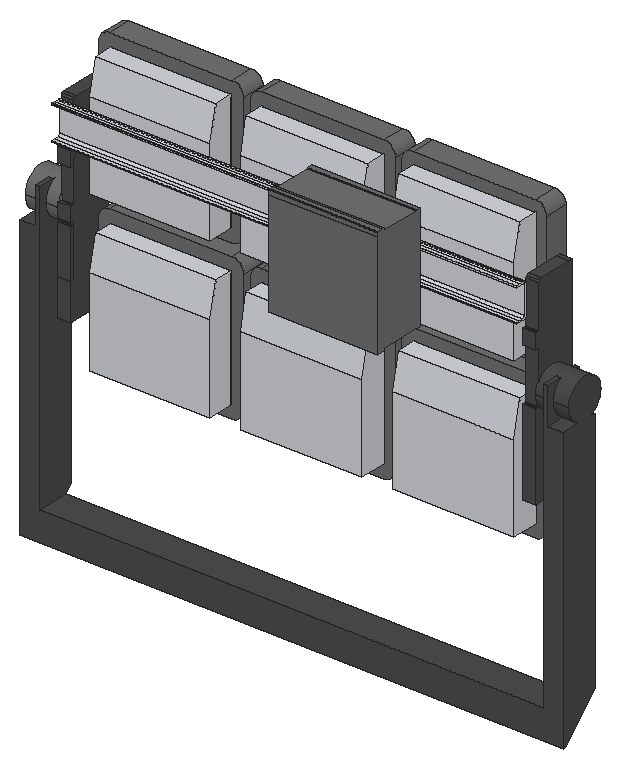
Revit family "Lighting-Proiezione-GEWISS-SMART[PRO]2.0-PROIETTORI-LED-ALTA-POTENZA_6MODULI_CLI", category Apparecchi per illuminazione, host Superficie, Revit 2019 (continued)
Definition of nested family "Frontale6 2D"
  Lines and regions (mm)
    model lines, in view "Livello rif."
      curve 830: line (378.88, 502.534, 0) -> (387.305, 502.534, 0)
      curve 831: line (387.305, 502.534, 0) -> (388.004, 501.81, 0)
      curve 832: line (388.004, 501.81, 0) -> (388.004, 418.41, 0)
      curve 833: line (388.004, 418.41, 0) -> (387.305, 417.711, 0)
      curve 834: line (387.305, 417.711, 0) -> (371.189, 417.711, 0)
      curve 835: line (388.703, 489.919, 0) -> (388.703, 429.626, 0)
      curve 836: line (388.703, 429.626, 0) -> (388.703, 0, 0)
      curve 837: line (418.862, 409.99, 0) -> (418.862, 407.193, 0)
      curve 838: line (418.862, 2.099, 0) -> (418.862, 444.587, 0)
      curve 839: line (418.862, 444.587, 0) -> (404.115, 459.76, 0)
      curve 840: line (404.115, 459.76, 0) -> (395.026, 459.76, 0)
      curve 841: line (395.026, 459.76, 0) -> (395.026, 489.919, 0)
      curve 842: line (395.026, 489.919, 0) -> (388.703, 489.919, 0)
      curve 843: line (100.604, 488.521, 0) -> (-80.963, 488.521, 0)
      curve 844: line (-80.963, 489.19, 0) -> (-80.963, 670.058, 0)
      curve 845: line (-80.963, 670.058, 0) -> (100.604, 670.058, 0)
      curve 846: line (100.604, 488.521, 0) -> (100.604, 670.058, 0)
      curve 847: line (100.604, 670.058, 0) -> (-80.963, 670.058, 0)
      curve 848: line (-80.963, 670.058, 0) -> (-80.963, 488.521, 0)
      curve 849: line (-99.9, 519.349, 0) -> (-99.9, 503.233, 0)
      curve 850: line (-99.9, 503.233, 0) -> (-99.9, 499.737, 0)
      curve 851: line (-99.9, 499.737, 0) -> (-99.9, 480.096, 0)
      curve 852: line (-99.9, 480.096, 0) -> (-99.9, 478.698, 0)
      curve 853: line (-99.9, 478.698, 0) -> (-99.206, 477.998, 0)
      curve 854: line (-99.206, 477.998, 0) -> (-99.206, 475.876, 0)
      curve 855: line (-99.206, 475.876, 0) -> (-98.477, 475.177, 0)
      curve 856: line (-97.807, 474.502, 0) -> (-97.079, 473.803, 0)
      curve 857: line (-97.079, 473.074, 0) -> (-95.68, 471.676, 0)
      curve 858: line (-94.976, 471.676, 0) -> (-94.282, 470.977, 0)
      curve 859: line (-94.282, 470.977, 0) -> (-93.578, 470.278, 0)
      curve 860: line (-93.578, 470.278, 0) -> (-90.781, 470.278, 0)
      curve 861: line (-90.781, 470.278, 0) -> (-90.082, 469.579, 0)
      curve 862: line (-89.383, 469.579, 0) -> (-69.741, 469.579, 0)
      curve 863: line (-69.741, 469.579, 0) -> (-66.25, 469.579, 0)
      curve 864: line (110.398, 469.579, 0) -> (111.092, 470.278, 0)
      curve 865: line (111.092, 470.278, 0) -> (113.219, 470.278, 0)
      curve 866: line (113.219, 470.278, 0) -> (113.923, 470.977, 0)
      curve 867: line (114.617, 470.977, 0) -> (115.321, 471.676, 0)
      curve 868: line (115.321, 471.676, 0) -> (116.72, 473.074, 0)
      curve 869: line (116.72, 473.074, 0) -> (117.414, 473.803, 0)
      curve 870: line (118.118, 475.177, 0) -> (118.817, 475.876, 0)
      curve 871: line (118.817, 475.876, 0) -> (118.817, 477.299, 0)
      curve 872: line (118.817, 477.299, 0) -> (119.517, 477.998, 0)
      curve 873: line (119.517, 477.998, 0) -> (119.517, 503.233, 0)
      curve 874: line (119.517, 541.787, 0) -> (119.517, 558.626, 0)
      curve 875: line (119.517, 558.626, 0) -> (119.517, 579.641, 0)
      curve 876: line (119.517, 636.403, 0) -> (119.517, 680.575, 0)
      curve 877: line (119.517, 680.575, 0) -> (118.817, 681.279, 0)
      curve 878: line (118.817, 681.279, 0) -> (118.817, 682.702, 0)
      curve 879: line (118.817, 682.702, 0) -> (118.118, 683.402, 0)
      curve 880: line (118.118, 684.101, 0) -> (117.414, 684.795, 0)
      curve 881: line (116.72, 685.499, 0) -> (113.923, 688.296, 0)
      curve 882: line (113.923, 688.296, 0) -> (112.525, 688.296, 0)
      curve 883: line (112.525, 688.296, 0) -> (111.821, 689, 0)
      curve 884: line (111.821, 689, 0) -> (89.383, 689, 0)
      curve 885: line (89.383, 689, 0) -> (-89.383, 689, 0)
      curve 886: line (-89.383, 689, 0) -> (-92.179, 689, 0)
      curve 887: line (-92.179, 689, 0) -> (-92.883, 688.296, 0)
      curve 888: line (-93.578, 688.296, 0) -> (-94.282, 687.602, 0)
      curve 889: line (-95.68, 686.898, 0) -> (-97.079, 685.499, 0)
      curve 890: line (-97.807, 684.795, 0) -> (-98.477, 684.101, 0)
      curve 891: line (-98.477, 683.402, 0) -> (-99.206, 682.702, 0)
      curve 892: line (-99.206, 682.702, 0) -> (-99.206, 680.575, 0)
      curve 893: line (-99.206, 680.575, 0) -> (-99.9, 679.871, 0)
      curve 894: line (-99.9, 679.177, 0) -> (-99.9, 658.841, 0)
      curve 895: line (329.115, 488.521, 0) -> (148.272, 488.521, 0)
      curve 896: line (148.272, 489.19, 0) -> (148.272, 670.088, 0)
      curve 897: line (148.272, 670.088, 0) -> (329.115, 670.088, 0)
      curve 898: line (329.115, 488.521, 0) -> (329.115, 670.088, 0)
      curve 899: line (329.115, 670.088, 0) -> (148.272, 670.088, 0)
      curve 900: line (148.272, 670.088, 0) -> (148.272, 488.521, 0)
      curve 901: line (129.335, 519.349, 0) -> (129.335, 503.233, 0)
      curve 902: line (129.335, 503.233, 0) -> (129.335, 499.737, 0)
      curve 903: line (129.335, 499.737, 0) -> (129.335, 480.096, 0)
      curve 904: line (129.335, 480.096, 0) -> (129.335, 476.575, 0)
      curve 905: line (129.335, 476.575, 0) -> (130.029, 475.876, 0)
      curve 906: line (130.029, 475.177, 0) -> (132.131, 473.074, 0)
      curve 907: line (132.131, 472.375, 0) -> (132.836, 471.676, 0)
      curve 908: line (133.53, 471.676, 0) -> (134.259, 470.977, 0)
      curve 909: line (134.928, 470.977, 0) -> (135.627, 470.278, 0)
      curve 910: line (135.627, 470.278, 0) -> (137.76, 470.278, 0)
      curve 911: line (137.76, 470.278, 0) -> (138.454, 469.579, 0)
      curve 912: line (139.158, 469.579, 0) -> (158.764, 469.579, 0)
      curve 913: line (158.764, 469.579, 0) -> (162.994, 469.579, 0)
      curve 914: line (338.938, 469.579, 0) -> (339.657, 470.278, 0)
      curve 915: line (339.657, 470.278, 0) -> (341.73, 470.278, 0)
      curve 916: line (341.73, 470.278, 0) -> (342.429, 470.977, 0)
      curve 917: line (343.158, 470.977, 0) -> (343.827, 471.676, 0)
      curve 918: line (344.556, 471.676, 0) -> (345.231, 472.375, 0)
      curve 919: line (345.231, 473.074, 0) -> (347.353, 475.177, 0)
      curve 920: line (347.353, 475.876, 0) -> (348.052, 476.575, 0)
      curve 921: line (348.052, 476.575, 0) -> (348.052, 499.737, 0)
      curve 922: line (348.052, 539.689, 0) -> (348.052, 558.626, 0)
      curve 923: line (348.052, 558.626, 0) -> (348.052, 579.641, 0)
      curve 924: line (348.052, 639.225, 0) -> (348.052, 681.974, 0)
      curve 925: line (348.052, 681.974, 0) -> (347.353, 682.702, 0)
      curve 926: line (347.353, 683.402, 0) -> (346.654, 684.101, 0)
      curve 927: line (346.654, 684.795, 0) -> (345.955, 685.499, 0)
      curve 928: line (345.231, 686.193, 0) -> (344.556, 686.898, 0)
      curve 929: line (343.827, 686.898, 0) -> (342.429, 688.296, 0)
      curve 930: line (342.429, 688.296, 0) -> (341.031, 688.296, 0)
      curve 931: line (341.031, 688.296, 0) -> (340.331, 689, 0)
      curve 932: line (340.331, 689, 0) -> (318.617, 689, 0)
      curve 933: line (318.617, 689, 0) -> (139.158, 689, 0)
      curve 934: line (139.158, 689, 0) -> (137.055, 689, 0)
      curve 935: line (137.055, 689, 0) -> (136.331, 688.296, 0)
      curve 936: line (135.627, 688.296, 0) -> (134.928, 687.602, 0)
      curve 937: line (134.259, 687.602, 0) -> (133.53, 686.898, 0)
      curve 938: line (132.836, 686.898, 0) -> (132.131, 686.193, 0)
      curve 939: line (131.437, 685.499, 0) -> (130.733, 684.795, 0)
      curve 940: line (130.733, 684.101, 0) -> (130.029, 683.402, 0)
      curve 941: line (130.029, 682.702, 0) -> (129.335, 681.974, 0)
      curve 942: line (129.335, 681.974, 0) -> (129.335, 679.177, 0)
      curve 943: line (129.335, 679.177, 0) -> (129.335, 658.841, 0)
      curve 944: line (-128.636, 429.507, 0) -> (-309.503, 429.507, 0)
      curve 945: line (-309.503, 428.807, 0) -> (-309.503, 247.94, 0)
      curve 946: line (-309.503, 247.94, 0) -> (-128.636, 247.94, 0)
      curve 947: line (-128.636, 247.94, 0) -> (-309.503, 247.94, 0)
      curve 948: line (-309.503, 247.94, 0) -> (-309.503, 429.507, 0)
      curve 949: line (119.517, 312.425, 0) -> (129.335, 312.425, 0)
      curve 950: line (-109.723, 312.425, 0) -> (-99.9, 312.425, 0)
      curve 951: line (119.517, 364.32, 0) -> (129.335, 364.32, 0)
      curve 952: line (-109.723, 364.32, 0) -> (-99.9, 364.32, 0)
      curve 953: line (-328.44, 278.071, 0) -> (-328.44, 262.655, 0)
      curve 954: line (-328.44, 262.655, 0) -> (-328.44, 259.158, 0)
      curve 955: line (-328.44, 259.158, 0) -> (-328.44, 238.82, 0)
      curve 956: line (-328.44, 238.82, 0) -> (-328.44, 236.721, 0)
      curve 957: line (-328.44, 236.721, 0) -> (-327.712, 236.021, 0)
      curve 958: line (-327.712, 236.021, 0) -> (-327.712, 234.623, 0)
      curve 959: line (-327.712, 234.623, 0) -> (-327.017, 233.923, 0)
      curve 960: line (-327.017, 233.224, 0) -> (-326.313, 232.524, 0)
      curve 961: line (-325.619, 232.524, 0) -> (-324.915, 231.825, 0)
      curve 962: line (-324.221, 231.125, 0) -> (-322.812, 229.727, 0)
      curve 963: line (-322.812, 229.727, 0) -> (-321.414, 229.727, 0)
      curve 964: line (-321.414, 229.727, 0) -> (-320.72, 229, 0)
      curve 965: line (-320.72, 229, 0) -> (-318.617, 229, 0)
      curve 966: line (-318.617, 229, 0) -> (-298.282, 229, 0)
      curve 967: line (-298.282, 229, 0) -> (-279.369, 229, 0)
      curve 968: line (-119.541, 229, 0) -> (-117.414, 229, 0)
      curve 969: line (-117.414, 229, 0) -> (-116.72, 229.727, 0)
      curve 970: line (-116.72, 229.727, 0) -> (-115.321, 229.727, 0)
      curve 971: line (-115.321, 229.727, 0) -> (-113.913, 231.125, 0)
      curve 972: line (-113.219, 231.125, 0) -> (-111.121, 233.224, 0)
      curve 973: line (-111.121, 233.923, 0) -> (-110.422, 234.623, 0)
      curve 974: line (-110.422, 235.322, 0) -> (-109.723, 236.021, 0)
      curve 975: line (-109.723, 236.021, 0) -> (-109.723, 259.158, 0)
      curve 976: line (-109.723, 298.409, 0) -> (-109.723, 317.348, 0)
      curve 977: line (-109.723, 317.348, 0) -> (-109.723, 338.386, 0)
      curve 978: line (-109.723, 440.024, 0) -> (-109.723, 441.422, 0)
      curve 979: line (-109.723, 441.422, 0) -> (-110.422, 442.121, 0)
      curve 980: line (-110.422, 442.821, 0) -> (-111.121, 443.52, 0)
      curve 981: line (-111.121, 443.52, 0) -> (-111.821, 444.219, 0)
      curve 982: line (-111.821, 444.918, 0) -> (-113.219, 446.346, 0)
      curve 983: line (-113.913, 446.346, 0) -> (-114.617, 447.021, 0)
      curve 984: line (-115.321, 447.021, 0) -> (-116.016, 447.745, 0)
      curve 985: line (-116.016, 447.745, 0) -> (-118.118, 447.745, 0)
      curve 986: line (-118.118, 447.745, 0) -> (-118.812, 448.444, 0)
      curve 987: line (-118.812, 448.444, 0) -> (-139.148, 448.444, 0)
      curve 988: line (-139.148, 448.444, 0) -> (-318.617, 448.444, 0)
      curve 989: line (-319.321, 448.444, 0) -> (-320.016, 447.745, 0)
      curve 990: line (-320.016, 447.745, 0) -> (-322.118, 447.745, 0)
      curve 991: line (-322.118, 447.745, 0) -> (-322.812, 447.021, 0)
      curve 992: line (-323.517, 447.021, 0) -> (-324.221, 446.346, 0)
      curve 993: line (-324.915, 446.346, 0) -> (-325.619, 445.617, 0)
      curve 994: line (-325.619, 444.918, 0) -> (-327.017, 443.52, 0)
      curve 995: line (-327.712, 442.821, 0) -> (-327.712, 441.422, 0)
      curve 996: line (-327.712, 441.422, 0) -> (-328.44, 440.723, 0)
      curve 997: line (-328.44, 440.723, 0) -> (-328.44, 437.897, 0)
      curve 998: line (-328.44, 437.897, 0) -> (-328.44, 418.285, 0)
      curve 999: line (-128.636, 247.94, 0) -> (-128.636, 429.507, 0)
      curve 1000: line (100.604, 429.507, 0) -> (-80.963, 429.507, 0)
      curve 1001: line (-80.963, 428.807, 0) -> (-80.963, 247.94, 0)
      curve 1002: line (-80.963, 247.94, 0) -> (100.604, 247.94, 0)
      curve 1003: line (100.604, 247.94, 0) -> (-80.963, 247.94, 0)
      curve 1004: line (-80.963, 247.94, 0) -> (-80.963, 429.507, 0)
      curve 1005: line (-99.9, 278.071, 0) -> (-99.9, 262.655, 0)
      curve 1006: line (-99.9, 262.655, 0) -> (-99.9, 259.158, 0)
      curve 1007: line (-99.9, 259.158, 0) -> (-99.9, 238.82, 0)
      curve 1008: line (-99.9, 238.12, 0) -> (-99.206, 237.421, 0)
      curve 1009: line (-99.206, 237.421, 0) -> (-99.206, 235.322, 0)
      curve 1010: line (-99.206, 235.322, 0) -> (-98.477, 234.623, 0)
      curve 1011: line (-98.477, 233.923, 0) -> (-97.807, 233.224, 0)
      curve 1012: line (-97.807, 233.224, 0) -> (-95.68, 231.125, 0)
      curve 1013: line (-94.976, 231.125, 0) -> (-94.282, 230.426, 0)
      curve 1014: line (-94.282, 229.727, 0) -> (-92.883, 229.727, 0)
      curve 1015: line (-92.883, 229.727, 0) -> (-92.179, 229, 0)
      curve 1016: line (-92.179, 229, 0) -> (-89.383, 229, 0)
      curve 1017: line (-89.383, 229, 0) -> (-69.741, 229, 0)
      curve 1018: line (-69.741, 229, 0) -> (-66.25, 229, 0)
      curve 1019: line (110.398, 229, 0) -> (111.821, 229, 0)
      curve 1020: line (111.821, 229, 0) -> (112.525, 229.727, 0)
      curve 1021: line (112.525, 229.727, 0) -> (113.923, 229.727, 0)
      curve 1022: line (113.923, 229.727, 0) -> (116.72, 232.524, 0)
      curve 1023: line (117.414, 233.224, 0) -> (118.118, 233.923, 0)
      curve 1024: line (118.118, 234.623, 0) -> (118.817, 235.322, 0)
      curve 1025: line (118.817, 235.322, 0) -> (118.817, 236.721, 0)
      curve 1026: line (118.817, 236.721, 0) -> (119.517, 237.421, 0)
      curve 1027: line (119.517, 237.421, 0) -> (119.517, 262.655, 0)
      curve 1028: line (119.517, 299.108, 0) -> (119.517, 317.348, 0)
      curve 1029: line (119.517, 317.348, 0) -> (119.517, 338.386, 0)
      curve 1030: line (119.517, 395.148, 0) -> (119.517, 440.024, 0)
      curve 1031: line (119.517, 440.024, 0) -> (118.817, 440.723, 0)
      curve 1032: line (118.817, 440.723, 0) -> (118.817, 442.121, 0)
      curve 1033: line (118.817, 442.121, 0) -> (118.118, 442.821, 0)
      curve 1034: line (117.414, 444.219, 0) -> (116.72, 444.918, 0)
      curve 1035: line (116.72, 444.918, 0) -> (114.617, 447.021, 0)
      curve 1036: line (113.923, 447.021, 0) -> (113.219, 447.745, 0)
      curve 1037: line (113.219, 447.745, 0) -> (111.092, 447.745, 0)
      curve 1038: line (111.092, 447.745, 0) -> (110.398, 448.444, 0)
      curve 1039: line (110.398, 448.444, 0) -> (89.383, 448.444, 0)
      curve 1040: line (89.383, 448.444, 0) -> (-89.383, 448.444, 0)
      curve 1041: line (-90.082, 448.444, 0) -> (-91.485, 447.745, 0)
      curve 1042: line (-91.485, 447.745, 0) -> (-93.578, 447.745, 0)
      curve 1043: line (-93.578, 447.745, 0) -> (-94.282, 447.021, 0)
      curve 1044: line (-95.68, 446.346, 0) -> (-97.807, 444.219, 0)
      curve 1045: line (-97.807, 443.52, 0) -> (-98.477, 442.821, 0)
      curve 1046: line (-98.477, 442.821, 0) -> (-99.206, 442.121, 0)
      curve 1047: line (-99.206, 442.121, 0) -> (-99.206, 439.325, 0)
      curve 1048: line (-99.206, 439.325, 0) -> (-99.9, 438.626, 0)
      curve 1049: line (-99.9, 437.897, 0) -> (-99.9, 418.285, 0)
      curve 1050: line (100.604, 247.94, 0) -> (100.604, 429.507, 0)
      curve 1051: line (329.115, 429.507, 0) -> (148.272, 429.507, 0)
      curve 1052: line (148.272, 428.807, 0) -> (148.272, 247.94, 0)
      curve 1053: line (148.272, 247.94, 0) -> (329.115, 247.94, 0)
      curve 1054: line (329.115, 247.94, 0) -> (148.272, 247.94, 0)
      curve 1055: line (148.272, 247.94, 0) -> (148.272, 429.507, 0)
      curve 1056: line (129.335, 278.071, 0) -> (129.335, 262.655, 0)
      curve 1057: line (129.335, 262.655, 0) -> (129.335, 259.158, 0)
      curve 1058: line (129.335, 259.158, 0) -> (129.335, 238.82, 0)
      curve 1059: line (129.335, 238.82, 0) -> (129.335, 236.021, 0)
      curve 1060: line (129.335, 236.021, 0) -> (130.029, 235.322, 0)
      curve 1061: line (130.029, 234.623, 0) -> (130.733, 233.923, 0)
      curve 1062: line (130.733, 233.224, 0) -> (131.437, 232.524, 0)
      curve 1063: line (132.131, 231.825, 0) -> (132.836, 231.125, 0)
      curve 1064: line (133.53, 231.125, 0) -> (134.259, 230.426, 0)
      curve 1065: line (134.259, 230.426, 0) -> (134.928, 229.727, 0)
      curve 1066: line (134.928, 229.727, 0) -> (136.331, 229.727, 0)
      curve 1067: line (136.331, 229.727, 0) -> (137.055, 229, 0)
      curve 1068: line (137.055, 229, 0) -> (139.158, 229, 0)
      curve 1069: line (139.158, 229, 0) -> (158.764, 229, 0)
      curve 1070: line (158.764, 229, 0) -> (162.26, 229, 0)
      curve 1071: line (338.234, 229, 0) -> (340.331, 229, 0)
      curve 1072: line (340.331, 229, 0) -> (341.031, 229.727, 0)
      curve 1073: line (341.031, 229.727, 0) -> (342.429, 229.727, 0)
      curve 1074: line (342.429, 229.727, 0) -> (343.827, 231.125, 0)
      curve 1075: line (344.556, 231.125, 0) -> (345.231, 231.825, 0)
      curve 1076: line (345.955, 232.524, 0) -> (346.654, 233.224, 0)
      curve 1077: line (346.654, 233.923, 0) -> (347.353, 234.623, 0)
      curve 1078: line (347.353, 235.322, 0) -> (348.052, 236.021, 0)
      curve 1079: line (348.052, 236.021, 0) -> (348.052, 259.158, 0)
      curve 1080: line (348.052, 299.108, 0) -> (348.052, 317.348, 0)
      curve 1081: line (348.052, 317.348, 0) -> (348.052, 338.386, 0)
      curve 1082: line (348.052, 440.024, 0) -> (348.052, 441.422, 0)
      curve 1083: line (348.052, 441.422, 0) -> (347.353, 442.121, 0)
      curve 1084: line (347.353, 442.821, 0) -> (346.654, 443.52, 0)
      curve 1085: line (346.654, 443.52, 0) -> (345.231, 444.918, 0)
      curve 1086: line (345.231, 445.617, 0) -> (344.556, 446.346, 0)
      curve 1087: line (343.827, 446.346, 0) -> (343.158, 447.021, 0)
      curve 1088: line (342.429, 447.021, 0) -> (341.73, 447.745, 0)
      curve 1089: line (341.73, 447.745, 0) -> (339.657, 447.745, 0)
      curve 1090: line (339.657, 447.745, 0) -> (338.938, 448.444, 0)
      curve 1091: line (338.938, 448.444, 0) -> (318.617, 448.444, 0)
      curve 1092: line (318.617, 448.444, 0) -> (139.158, 448.444, 0)
      curve 1093: line (138.454, 448.444, 0) -> (137.76, 447.745, 0)
      curve 1094: line (137.76, 447.745, 0) -> (135.627, 447.745, 0)
      curve 1095: line (135.627, 447.745, 0) -> (134.928, 447.021, 0)
      curve 1096: line (134.259, 447.021, 0) -> (133.53, 446.346, 0)
      curve 1097: line (132.836, 446.346, 0) -> (132.131, 445.617, 0)
      curve 1098: line (132.131, 444.918, 0) -> (130.733, 443.52, 0)
      curve 1099: line (130.029, 442.121, 0) -> (129.335, 441.422, 0)
      curve 1100: line (129.335, 441.422, 0) -> (129.335, 437.897, 0)
      curve 1101: line (129.335, 437.897, 0) -> (129.335, 418.285, 0)
      curve 1102: line (329.115, 247.94, 0) -> (329.115, 429.507, 0)
      curve 1103: line (-369.087, 51.169, 0) -> (388.351, 51.169, 0)
    detail lines, in view "Livello rif.", not visible
      curve 4: line (70.78, 658.841, 0) -> (70.78, 519.349, 0)
      curve 5: line (119.851, 469.579, 0) -> (279.679, 469.579, 0)
      curve 6: line (289.498, 499.737, 0) -> (289.498, 539.689, 0)
      curve 7: line (289.498, 579.641, 0) -> (289.498, 679.871, 0)
      curve 8: line (299.321, 658.841, 0) -> (299.321, 519.349, 0)
      curve 9: line (332.97, 469.579, 0) -> (509.618, 469.579, 0)
      curve 10: line (518.737, 503.233, 0) -> (518.737, 541.787, 0)
      curve 11: line (518.737, 579.641, 0) -> (518.737, 636.403, 0)
      curve 12: line (528.555, 658.841, 0) -> (528.555, 519.349, 0)
      curve 13: line (562.215, 469.579, 0) -> (737.455, 469.579, 0)
      curve 14: line (747.273, 499.737, 0) -> (747.273, 539.689, 0)
      curve 15: line (747.273, 579.641, 0) -> (747.273, 639.225, 0)
      curve 16: line (70.78, 418.285, 0) -> (70.78, 278.071, 0)
      curve 17: line (119.851, 229, 0) -> (279.679, 229, 0)
      curve 18: line (289.498, 259.158, 0) -> (289.498, 298.409, 0)
      curve 19: line (289.498, 338.386, 0) -> (289.498, 440.024, 0)
      curve 20: line (299.321, 418.285, 0) -> (299.321, 278.071, 0)
      curve 21: line (332.97, 229, 0) -> (509.618, 229, 0)
      curve 22: line (518.737, 262.655, 0) -> (518.737, 299.108, 0)
      curve 23: line (518.737, 338.386, 0) -> (518.737, 395.148, 0)
      curve 24: line (528.555, 418.285, 0) -> (528.555, 278.071, 0)
      curve 25: line (561.481, 229, 0) -> (737.455, 229, 0)
      curve 26: line (747.273, 259.158, 0) -> (747.273, 299.108, 0)
      curve 27: line (747.273, 338.386, 0) -> (747.273, 440.024, 0)
      curve 28: line (270.585, 489.19, 0) -> (270.585, 488.521, 0)
      curve 29: line (270.585, 488.521, 0) -> (89.717, 488.521, 0)
      curve 30: line (89.717, 488.521, 0) -> (89.717, 489.19, 0)
      curve 31: line (89.717, 489.19, 0) -> (89.717, 670.088, 0)
      curve 32: line (89.717, 670.088, 0) -> (270.585, 670.088, 0)
      curve 33: line (270.585, 670.088, 0) -> (271.284, 670.088, 0)
      curve 34: line (270.585, 488.521, 0) -> (270.585, 670.088, 0)
      curve 35: line (270.585, 670.088, 0) -> (89.717, 670.088, 0)
      curve 36: line (89.717, 670.088, 0) -> (89.717, 488.521, 0)
      curve 37: line (70.78, 314.648, 0) -> (60.987, 314.648, 0)
      curve 38: line (60.987, 314.648, 0) -> (60.987, 318.844, 0)
      curve 39: line (60.987, 318.844, 0) -> (60.987, 320.97, 0)
      curve 40: line (60.987, 320.97, 0) -> (58.165, 320.97, 0)
      curve 41: line (70.78, 366.542, 0) -> (60.987, 366.542, 0)
      curve 42: line (60.987, 366.542, 0) -> (60.987, 362.347, 0)
      curve 43: line (60.987, 362.347, 0) -> (60.987, 360.919, 0)
      curve 44: line (60.987, 360.919, 0) -> (58.165, 360.919, 0)
      curve 45: line (518.737, 553.702, 0) -> (528.555, 553.702, 0)
      curve 46: line (289.498, 553.702, 0) -> (299.321, 553.702, 0)
      curve 47: line (70.78, 553.702, 0) -> (60.987, 553.702, 0)
      curve 48: line (60.987, 553.702, 0) -> (60.987, 557.203, 0)
      curve 49: line (60.987, 557.203, 0) -> (60.987, 559.331, 0)
      curve 50: line (60.987, 559.331, 0) -> (58.165, 559.331, 0)
      curve 51: line (518.737, 604.871, 0) -> (528.555, 604.871, 0)
      curve 52: line (289.498, 604.871, 0) -> (299.321, 604.871, 0)
      curve 53: line (70.78, 604.871, 0) -> (60.987, 604.871, 0)
      curve 54: line (60.987, 604.871, 0) -> (60.987, 601.375, 0)
      curve 55: line (60.987, 601.375, 0) -> (60.987, 599.273, 0)
      curve 56: line (60.987, 599.273, 0) -> (58.165, 599.273, 0)
      curve 57: line (58.165, 330.789, 0) -> (63.089, 330.789, 0)
      curve 58: line (63.089, 330.789, 0) -> (63.089, 335.684, 0)
      curve 59: line (52.572, 609.066, 0) -> (47.673, 609.066, 0)
      curve 60: line (47.673, 609.066, 0) -> (47.673, 311.15, 0)
      curve 61: line (47.673, 311.15, 0) -> (52.572, 311.15, 0)
      curve 62: line (52.572, 311.15, 0) -> (55.369, 311.15, 0)
      curve 63: line (55.369, 311.15, 0) -> (55.369, 311.849, 0)
      curve 64: line (55.369, 311.849, 0) -> (56.063, 312.549, 0)
      curve 65: line (56.063, 312.549, 0) -> (56.767, 312.549, 0)
      curve 66: line (56.767, 312.549, 0) -> (57.466, 313.249, 0)
      curve 67: line (57.466, 313.249, 0) -> (57.466, 314.648, 0)
      curve 68: line (57.466, 314.648, 0) -> (58.165, 315.347, 0)
      curve 69: line (58.165, 315.347, 0) -> (58.165, 316.073, 0)
      curve 70: line (58.165, 316.073, 0) -> (58.165, 604.172, 0)
      curve 71: line (58.165, 604.172, 0) -> (58.165, 604.871, 0)
      curve 72: line (58.165, 604.871, 0) -> (57.466, 605.57, 0)
      curve 73: line (57.466, 605.57, 0) -> (57.466, 606.269, 0)
      curve 74: line (57.466, 606.269, 0) -> (56.767, 606.974, 0)
      curve 75: line (56.767, 606.974, 0) -> (56.767, 607.668, 0)
      curve 76: line (56.767, 607.668, 0) -> (56.063, 608.372, 0)
      curve 77: line (56.063, 608.372, 0) -> (55.369, 608.372, 0)
      curve 78: line (55.369, 608.372, 0) -> (54.664, 609.066, 0)
      curve 79: line (54.664, 609.066, 0) -> (52.572, 609.066, 0)
      curve 80: line (58.165, 380.56, 0) -> (58.894, 380.56, 0)
      curve 81: line (58.894, 380.56, 0) -> (60.293, 380.56, 0)
      curve 82: line (60.293, 380.56, 0) -> (60.957, 381.26, 0)
      curve 83: line (60.957, 381.26, 0) -> (61.691, 381.26, 0)
      curve 84: line (61.691, 381.26, 0) -> (63.788, 383.357, 0)
      curve 85: line (63.788, 383.357, 0) -> (63.788, 385.455, 0)
      curve 86: line (63.788, 385.455, 0) -> (63.788, 534.765, 0)
      curve 87: line (63.788, 534.765, 0) -> (63.788, 536.188, 0)
      curve 88: line (63.788, 536.188, 0) -> (63.089, 536.893, 0)
      curve 89: line (63.089, 536.893, 0) -> (63.089, 537.557, 0)
      curve 90: line (63.089, 537.557, 0) -> (62.385, 538.261, 0)
      curve 91: line (62.385, 538.261, 0) -> (61.691, 538.261, 0)
      curve 92: line (61.691, 538.261, 0) -> (61.691, 538.985, 0)
      curve 93: line (61.691, 538.985, 0) -> (60.957, 538.985, 0)
      curve 94: line (60.957, 538.985, 0) -> (60.293, 539.689, 0)
      curve 95: line (60.293, 539.689, 0) -> (58.894, 539.689, 0)
      curve 96: line (58.894, 539.689, 0) -> (58.165, 539.689, 0)
      curve 97: line (58.165, 470.977, 0) -> (63.089, 470.977, 0)
      curve 98: line (63.089, 470.977, 0) -> (63.089, 465.383, 0)
      curve 99: line (63.089, 465.383, 0) -> (63.089, 454.866, 0)
      curve 100: line (63.089, 454.866, 0) -> (63.089, 449.243, 0)
      curve 101: line (63.089, 449.243, 0) -> (58.165, 449.243, 0)
      curve 102: line (47.673, 421.906, 0) -> (47.673, 417.711, 0)
      curve 103: line (47.673, 417.711, 0) -> (47.673, 502.534, 0)
      curve 104: line (47.673, 502.534, 0) -> (39.952, 502.534, 0)
      curve 105: line (39.952, 502.534, 0) -> (31.532, 502.534, 0)
      curve 106: line (31.532, 502.534, 0) -> (30.828, 501.81, 0)
      curve 107: line (30.828, 501.81, 0) -> (30.828, 418.41, 0)
      curve 108: line (30.828, 418.41, 0) -> (31.532, 417.711, 0)
      curve 109: line (31.532, 417.711, 0) -> (47.673, 417.711, 0)
      curve 110: line (30.828, 490.618, 0) -> (30.134, 489.919, 0)
      curve 111: line (30.134, 489.919, 0) -> (30.134, 429.626, 0)
      curve 112: line (30.134, 429.626, 0) -> (30.134, 0, 0)
      curve 113: line (0, 137.391, 0) -> (0, 389.066, 0)
      curve 114: line (0, 409.99, 0) -> (0, 407.193, 0)
      curve 115: line (818.083, 389.066, 0) -> (818.083, 0, 0)
      curve 116: line (818.083, 0, 0) -> (787.924, 0, 0)
      curve 117: line (787.924, 0, 0) -> (0, 0, 0)
      curve 118: line (0, 0, 0) -> (0, 444.532, 0)
      curve 119: line (0, 444.532, 0) -> (15.417, 459.76, 0)
      curve 120: line (15.417, 459.76, 0) -> (23.836, 459.76, 0)
      curve 121: line (23.836, 459.76, 0) -> (23.836, 489.919, 0)
      curve 122: line (23.836, 489.919, 0) -> (30.134, 489.919, 0)
      curve 123: line (787.924, 73.014, 0) -> (30.134, 73.014, 0)
      curve 124: line (70.78, 519.349, 0) -> (70.78, 503.233, 0)
      curve 125: line (70.78, 503.233, 0) -> (70.78, 499.737, 0)
      curve 126: line (70.78, 499.737, 0) -> (70.78, 480.096, 0)
      curve 127: line (70.78, 480.096, 0) -> (70.78, 477.299, 0)
      curve 128: line (70.78, 477.299, 0) -> (71.509, 476.575, 0)
      curve 129: line (71.509, 476.575, 0) -> (71.509, 475.177, 0)
      curve 130: line (71.509, 475.177, 0) -> (74.306, 472.375, 0)
      curve 131: line (74.306, 472.375, 0) -> (74.306, 471.676, 0)
      curve 132: line (74.306, 471.676, 0) -> (75, 471.676, 0)
      curve 133: line (75, 471.676, 0) -> (75.704, 470.977, 0)
      curve 134: line (75.704, 470.977, 0) -> (76.408, 470.977, 0)
      curve 135: line (76.408, 470.977, 0) -> (77.102, 470.278, 0)
      curve 136: line (77.102, 470.278, 0) -> (79.205, 470.278, 0)
      curve 137: line (79.205, 470.278, 0) -> (79.899, 469.579, 0)
      curve 138: line (79.899, 469.579, 0) -> (80.603, 469.579, 0)
      curve 139: line (80.603, 469.579, 0) -> (100.939, 469.579, 0)
      curve 140: line (100.939, 469.579, 0) -> (119.851, 469.579, 0)
      curve 141: line (279.679, 469.579, 0) -> (280.408, 469.579, 0)
      curve 142: line (280.408, 469.579, 0) -> (281.102, 470.278, 0)
      curve 143: line (281.102, 470.278, 0) -> (283.205, 470.278, 0)
      curve 144: line (283.205, 470.278, 0) -> (283.899, 470.977, 0)
      curve 145: line (283.899, 470.977, 0) -> (284.603, 470.977, 0)
      curve 146: line (284.603, 470.977, 0) -> (285.307, 471.676, 0)
      curve 147: line (285.307, 471.676, 0) -> (286.002, 471.676, 0)
      curve 148: line (286.002, 471.676, 0) -> (287.4, 473.074, 0)
      curve 149: line (287.4, 473.074, 0) -> (287.4, 473.803, 0)
      curve 150: line (287.4, 473.803, 0) -> (288.798, 475.177, 0)
      curve 151: line (288.798, 475.177, 0) -> (288.798, 475.876, 0)
      curve 152: line (288.798, 475.876, 0) -> (289.498, 476.575, 0)
      curve 153: line (289.498, 476.575, 0) -> (289.498, 499.737, 0)
      curve 154: line (289.498, 539.689, 0) -> (289.498, 558.626, 0)
      curve 155: line (289.498, 558.626, 0) -> (289.498, 579.641, 0)
      curve 156: line (289.498, 561.393, 0) -> (290.202, 561.393, 0)
      curve 157: line (289.498, 679.871, 0) -> (289.498, 681.974, 0)
      curve 158: line (289.498, 681.974, 0) -> (288.798, 682.702, 0)
      curve 159: line (288.798, 682.702, 0) -> (288.798, 683.402, 0)
      curve 160: line (288.798, 683.402, 0) -> (288.099, 684.101, 0)
      curve 161: line (288.099, 684.101, 0) -> (288.099, 684.795, 0)
      curve 162: line (288.099, 684.795, 0) -> (286.002, 686.898, 0)
      curve 163: line (286.002, 686.898, 0) -> (285.307, 686.898, 0)
      curve 164: line (285.307, 686.898, 0) -> (283.899, 688.296, 0)
      curve 165: line (283.899, 688.296, 0) -> (282.501, 688.296, 0)
      curve 166: line (282.501, 688.296, 0) -> (281.807, 689, 0)
      curve 167: line (281.807, 689, 0) -> (260.073, 689, 0)
      curve 168: line (260.073, 689, 0) -> (80.603, 689, 0)
      curve 169: line (80.603, 689, 0) -> (78.501, 689, 0)
      curve 170: line (78.501, 689, 0) -> (77.807, 688.296, 0)
      curve 171: line (77.807, 688.296, 0) -> (77.102, 688.296, 0)
      curve 172: line (77.102, 688.296, 0) -> (76.408, 687.602, 0)
      curve 173: line (76.408, 687.602, 0) -> (75.704, 687.602, 0)
      curve 174: line (75.704, 687.602, 0) -> (75, 686.898, 0)
      curve 175: line (75, 686.898, 0) -> (74.306, 686.898, 0)
      curve 176: line (74.306, 686.898, 0) -> (73.602, 686.193, 0)
      curve 177: line (73.602, 686.193, 0) -> (73.602, 685.499, 0)
      curve 178: line (73.602, 685.499, 0) -> (72.907, 685.499, 0)
      curve 179: line (72.907, 685.499, 0) -> (72.203, 684.795, 0)
      curve 180: line (72.203, 684.795, 0) -> (72.203, 684.101, 0)
      curve 181: line (72.203, 684.101, 0) -> (71.509, 683.402, 0)
      curve 182: line (71.509, 683.402, 0) -> (71.509, 681.974, 0)
      curve 183: line (71.509, 681.974, 0) -> (70.78, 681.279, 0)
      curve 184: line (70.78, 681.279, 0) -> (70.78, 679.177, 0)
      curve 185: line (70.78, 679.177, 0) -> (70.78, 658.841, 0)
      curve 186: line (63.089, 345.502, 0) -> (65.187, 345.502, 0)
      curve 187: line (65.187, 345.502, 0) -> (65.187, 335.684, 0)
      curve 188: line (65.187, 335.684, 0) -> (63.089, 335.684, 0)
      curve 189: line (63.089, 335.684, 0) -> (63.089, 350.402, 0)
      curve 190: line (63.089, 350.402, 0) -> (58.165, 350.402, 0)
      curve 191: line (47.673, 348.304, 0) -> (39.253, 348.304, 0)
      curve 192: line (39.253, 348.304, 0) -> (39.253, 332.888, 0)
      curve 193: line (39.253, 332.888, 0) -> (47.673, 332.888, 0)
      curve 194: line (47.673, 345.502, 0) -> (43.448, 345.502, 0)
      curve 195: line (43.448, 345.502, 0) -> (42.749, 345.502, 0)
      curve 196: line (42.749, 345.502, 0) -> (42.749, 344.803, 0)
      curve 197: line (42.749, 344.803, 0) -> (42.749, 336.383, 0)
      curve 198: line (42.749, 336.383, 0) -> (43.448, 335.684, 0)
      curve 199: line (43.448, 335.684, 0) -> (47.673, 335.684, 0)
      curve 200: line (747.273, 314.648, 0) -> (757.066, 314.648, 0)
      curve 201: line (757.066, 314.648, 0) -> (757.066, 318.844, 0)
      curve 202: line (757.066, 318.844, 0) -> (757.066, 320.97, 0)
      curve 203: line (757.066, 320.97, 0) -> (760.587, 320.97, 0)
      curve 204: line (760.587, 360.919, 0) -> (757.066, 360.919, 0)
      curve 205: line (757.066, 360.919, 0) -> (757.066, 362.347, 0)
      curve 206: line (757.066, 362.347, 0) -> (757.066, 366.542, 0)
      curve 207: line (757.066, 366.542, 0) -> (747.273, 366.542, 0)
      curve 208: line (747.273, 553.702, 0) -> (757.066, 553.702, 0)
      curve 209: line (757.066, 553.702, 0) -> (757.066, 557.203, 0)
      curve 210: line (757.066, 557.203, 0) -> (757.066, 559.331, 0)
      curve 211: line (757.066, 559.331, 0) -> (760.587, 559.331, 0)
      curve 212: line (747.273, 604.871, 0) -> (757.066, 604.871, 0)
      curve 213: line (757.066, 604.871, 0) -> (757.066, 601.375, 0)
      curve 214: line (757.066, 601.375, 0) -> (757.066, 599.273, 0)
      curve 215: line (757.066, 599.273, 0) -> (760.587, 599.273, 0)
      curve 216: line (760.587, 330.789, 0) -> (754.993, 330.789, 0)
      curve 217: line (754.993, 330.789, 0) -> (754.993, 335.684, 0)
      curve 218: line (765.511, 609.066, 0) -> (770.41, 609.066, 0)
      curve 219: line (770.41, 609.066, 0) -> (770.41, 311.15, 0)
      curve 220: line (770.41, 311.15, 0) -> (765.511, 311.15, 0)
      curve 221: line (765.511, 311.15, 0) -> (763.388, 311.15, 0)
      curve 222: line (763.388, 311.15, 0) -> (761.985, 312.549, 0)
      curve 223: line (761.985, 312.549, 0) -> (761.291, 312.549, 0)
      curve 224: line (761.291, 312.549, 0) -> (761.291, 313.249, 0)
      curve 225: line (761.291, 313.249, 0) -> (760.587, 313.947, 0)
      curve 226: line (760.587, 313.947, 0) -> (760.587, 316.073, 0)
      curve 227: line (760.587, 316.073, 0) -> (760.587, 604.172, 0)
      curve 228: line (760.587, 604.172, 0) -> (760.587, 606.269, 0)
      curve 229: line (760.587, 606.269, 0) -> (761.291, 606.974, 0)
      curve 230: line (761.291, 606.974, 0) -> (761.291, 607.668, 0)
      curve 231: line (761.291, 607.668, 0) -> (761.985, 608.372, 0)
      curve 232: line (761.985, 608.372, 0) -> (762.689, 608.372, 0)
      curve 233: line (762.689, 608.372, 0) -> (763.388, 609.066, 0)
      curve 234: line (763.388, 609.066, 0) -> (765.511, 609.066, 0)
      curve 235: line (760.587, 380.56, 0) -> (759.188, 380.56, 0)
      curve 236: line (759.188, 380.56, 0) -> (757.79, 380.56, 0)
      curve 237: line (757.79, 380.56, 0) -> (757.066, 381.26, 0)
      curve 238: line (757.066, 381.26, 0) -> (756.392, 381.26, 0)
      curve 239: line (756.392, 381.26, 0) -> (755.663, 381.959, 0)
      curve 240: line (755.663, 381.959, 0) -> (755.663, 382.658, 0)
      curve 241: line (755.663, 382.658, 0) -> (754.993, 382.658, 0)
      curve 242: line (754.993, 382.658, 0) -> (754.993, 383.357, 0)
      curve 243: line (754.993, 383.357, 0) -> (754.264, 384.056, 0)
      curve 244: line (754.264, 384.056, 0) -> (754.264, 385.455, 0)
      curve 245: line (754.264, 385.455, 0) -> (754.264, 534.765, 0)
      curve 246: line (754.264, 534.765, 0) -> (754.264, 536.188, 0)
      curve 247: line (754.264, 536.188, 0) -> (754.993, 536.893, 0)
      curve 248: line (754.993, 536.893, 0) -> (754.993, 537.557, 0)
      curve 249: line (754.993, 537.557, 0) -> (755.663, 538.261, 0)
      curve 250: line (755.663, 538.261, 0) -> (756.392, 538.261, 0)
      curve 251: line (756.392, 538.261, 0) -> (757.066, 538.985, 0)
      curve 252: line (757.066, 538.985, 0) -> (757.79, 538.985, 0)
      curve 253: line (757.79, 538.985, 0) -> (758.494, 539.689, 0)
      curve 254: line (758.494, 539.689, 0) -> (759.188, 539.689, 0)
      curve 255: line (759.188, 539.689, 0) -> (760.587, 539.689, 0)
      curve 256: line (760.587, 470.977, 0) -> (754.993, 470.977, 0)
      curve 257: line (754.993, 470.977, 0) -> (754.993, 465.383, 0)
      curve 258: line (754.993, 465.383, 0) -> (754.993, 454.866, 0)
      curve 259: line (754.993, 454.866, 0) -> (754.993, 449.243, 0)
      curve 260: line (754.993, 449.243, 0) -> (760.587, 449.243, 0)
      curve 261: line (770.41, 421.906, 0) -> (770.41, 417.711, 0)
      curve 262: line (770.41, 417.711, 0) -> (770.41, 502.534, 0)
      curve 263: line (770.41, 502.534, 0) -> (778.101, 502.534, 0)
      curve 264: line (778.101, 502.534, 0) -> (786.526, 502.534, 0)
      curve 265: line (786.526, 502.534, 0) -> (787.225, 501.81, 0)
      curve 266: line (787.225, 501.81, 0) -> (787.225, 418.41, 0)
      curve 267: line (787.225, 418.41, 0) -> (786.526, 417.711, 0)
      curve 268: line (786.526, 417.711, 0) -> (770.41, 417.711, 0)
      curve 269: line (787.225, 490.618, 0) -> (787.924, 490.618, 0)
      curve 270: line (787.924, 490.618, 0) -> (787.924, 489.919, 0)
      curve 271: line (787.924, 489.919, 0) -> (787.924, 429.626, 0)
      curve 272: line (787.924, 429.626, 0) -> (787.924, 0, 0)
      curve 273: line (818.083, 409.99, 0) -> (818.083, 407.193, 0)
      curve 274: line (818.083, 2.099, 0) -> (818.083, 444.587, 0)
      curve 275: line (818.083, 444.587, 0) -> (803.336, 459.76, 0)
      curve 276: line (803.336, 459.76, 0) -> (794.246, 459.76, 0)
      curve 277: line (794.246, 459.76, 0) -> (794.246, 489.919, 0)
      curve 278: line (794.246, 489.919, 0) -> (787.924, 489.919, 0)
      curve 279: line (754.993, 345.502, 0) -> (753.57, 345.502, 0)
      curve 280: line (753.57, 345.502, 0) -> (753.57, 335.684, 0)
      curve 281: line (753.57, 335.684, 0) -> (754.993, 335.684, 0)
      curve 282: line (754.993, 335.684, 0) -> (754.993, 350.402, 0)
      curve 283: line (754.993, 350.402, 0) -> (760.587, 350.402, 0)
      curve 284: line (770.41, 348.304, 0) -> (779.499, 348.304, 0)
      curve 285: line (779.499, 348.304, 0) -> (779.499, 332.888, 0)
      curve 286: line (779.499, 332.888, 0) -> (778.805, 332.888, 0)
      curve 287: line (778.805, 332.888, 0) -> (770.41, 332.888, 0)
      curve 288: line (770.41, 345.502, 0) -> (774.6, 345.502, 0)
      curve 289: line (774.6, 345.502, 0) -> (775.304, 345.502, 0)
      curve 290: line (775.304, 345.502, 0) -> (775.304, 344.803, 0)
      curve 291: line (775.304, 344.803, 0) -> (775.304, 336.383, 0)
      curve 292: line (775.304, 336.383, 0) -> (774.6, 335.684, 0)
      curve 293: line (774.6, 335.684, 0) -> (770.41, 335.684, 0)
      curve 294: line (499.825, 489.19, 0) -> (499.825, 488.521, 0)
      curve 295: line (499.825, 488.521, 0) -> (318.258, 488.521, 0)
      curve 296: line (318.258, 488.521, 0) -> (318.258, 489.19, 0)
      curve 297: line (318.258, 489.19, 0) -> (318.258, 670.058, 0)
      curve 298: line (318.258, 670.058, 0) -> (499.825, 670.058, 0)
      curve 299: line (499.825, 670.058, 0) -> (500.524, 670.058, 0)
      curve 300: line (499.825, 488.521, 0) -> (499.825, 670.058, 0)
      curve 301: line (499.825, 670.058, 0) -> (318.258, 670.058, 0)
      curve 302: line (318.258, 670.058, 0) -> (318.258, 488.521, 0)
      curve 303: line (299.321, 519.349, 0) -> (299.321, 503.233, 0)
      curve 304: line (299.321, 503.233, 0) -> (299.321, 499.737, 0)
      curve 305: line (299.321, 499.737, 0) -> (299.321, 480.096, 0)
      curve 306: line (299.321, 480.096, 0) -> (299.321, 478.698, 0)
      curve 307: line (299.321, 478.698, 0) -> (300.015, 477.998, 0)
      curve 308: line (300.015, 477.998, 0) -> (300.015, 475.876, 0)
      curve 309: line (300.015, 475.876, 0) -> (300.744, 475.177, 0)
      curve 310: line (300.744, 475.177, 0) -> (300.744, 474.502, 0)
      curve 311: line (300.744, 474.502, 0) -> (301.413, 474.502, 0)
      curve 312: line (301.413, 474.502, 0) -> (302.142, 473.803, 0)
      curve 313: line (302.142, 473.803, 0) -> (302.142, 473.074, 0)
      curve 314: line (302.142, 473.074, 0) -> (303.54, 471.676, 0)
      curve 315: line (303.54, 471.676, 0) -> (304.245, 471.676, 0)
      curve 316: line (304.245, 471.676, 0) -> (304.939, 470.977, 0)
      curve 317: line (304.939, 470.977, 0) -> (305.643, 470.278, 0)
      curve 318: line (305.643, 470.278, 0) -> (308.44, 470.278, 0)
      curve 319: line (308.44, 470.278, 0) -> (309.139, 469.579, 0)
      curve 320: line (309.139, 469.579, 0) -> (309.838, 469.579, 0)
      curve 321: line (309.838, 469.579, 0) -> (329.479, 469.579, 0)
      curve 322: line (329.479, 469.579, 0) -> (332.97, 469.579, 0)
      curve 323: line (509.618, 469.579, 0) -> (510.312, 470.278, 0)
      curve 324: line (510.312, 470.278, 0) -> (512.44, 470.278, 0)
      curve 325: line (512.44, 470.278, 0) -> (513.144, 470.977, 0)
      curve 326: line (513.144, 470.977, 0) -> (513.838, 470.977, 0)
      curve 327: line (513.838, 470.977, 0) -> (514.542, 471.676, 0)
      curve 328: line (514.542, 471.676, 0) -> (515.94, 473.074, 0)
      curve 329: line (515.94, 473.074, 0) -> (516.635, 473.803, 0)
      curve 330: line (516.635, 473.803, 0) -> (516.635, 474.502, 0)
      curve 331: line (516.635, 474.502, 0) -> (517.339, 474.502, 0)
      curve 332: line (517.339, 474.502, 0) -> (517.339, 475.177, 0)
      curve 333: line (517.339, 475.177, 0) -> (518.038, 475.876, 0)
      curve 334: line (518.038, 475.876, 0) -> (518.038, 477.299, 0)
      curve 335: line (518.038, 477.299, 0) -> (518.737, 477.998, 0)
      curve 336: line (518.737, 477.998, 0) -> (518.737, 503.233, 0)
      curve 337: line (518.737, 541.787, 0) -> (518.737, 558.626, 0)
      curve 338: line (518.737, 558.626, 0) -> (518.737, 579.641, 0)
      curve 339: line (518.737, 561.393, 0) -> (519.436, 561.393, 0)
      curve 340: line (518.737, 636.403, 0) -> (518.737, 680.575, 0)
      curve 341: line (518.737, 680.575, 0) -> (518.038, 681.279, 0)
      curve 342: line (518.038, 681.279, 0) -> (518.038, 682.702, 0)
      curve 343: line (518.038, 682.702, 0) -> (517.339, 683.402, 0)
      curve 344: line (517.339, 683.402, 0) -> (517.339, 684.101, 0)
      curve 345: line (517.339, 684.101, 0) -> (516.635, 684.795, 0)
      curve 346: line (516.635, 684.795, 0) -> (516.635, 685.499, 0)
      curve 347: line (516.635, 685.499, 0) -> (515.94, 685.499, 0)
      curve 348: line (515.94, 685.499, 0) -> (513.144, 688.296, 0)
      curve 349: line (513.144, 688.296, 0) -> (511.745, 688.296, 0)
      curve 350: line (511.745, 688.296, 0) -> (511.041, 689, 0)
      curve 351: line (511.041, 689, 0) -> (488.603, 689, 0)
      curve 352: line (488.603, 689, 0) -> (309.838, 689, 0)
      curve 353: line (309.838, 689, 0) -> (307.041, 689, 0)
      curve 354: line (307.041, 689, 0) -> (306.337, 688.296, 0)
      curve 355: line (306.337, 688.296, 0) -> (305.643, 688.296, 0)
      curve 356: line (305.643, 688.296, 0) -> (304.939, 687.602, 0)
      curve 357: line (304.939, 687.602, 0) -> (304.245, 687.602, 0)
      curve 358: line (304.245, 687.602, 0) -> (304.245, 686.898, 0)
      curve 359: line (304.245, 686.898, 0) -> (303.54, 686.898, 0)
      curve 360: line (303.54, 686.898, 0) -> (302.142, 685.499, 0)
      curve 361: line (302.142, 685.499, 0) -> (301.413, 685.499, 0)
      curve 362: line (301.413, 685.499, 0) -> (301.413, 684.795, 0)
      curve 363: line (301.413, 684.795, 0) -> (300.744, 684.101, 0)
      curve 364: line (300.744, 684.101, 0) -> (300.744, 683.402, 0)
      curve 365: line (300.744, 683.402, 0) -> (300.015, 682.702, 0)
      curve 366: line (300.015, 682.702, 0) -> (300.015, 680.575, 0)
      curve 367: line (300.015, 680.575, 0) -> (299.321, 679.871, 0)
      curve 368: line (299.321, 679.871, 0) -> (299.321, 679.177, 0)
      curve 369: line (299.321, 679.177, 0) -> (299.321, 658.841, 0)
      curve 370: line (728.336, 489.19, 0) -> (728.336, 488.521, 0)
      curve 371: line (728.336, 488.521, 0) -> (547.493, 488.521, 0)
      curve 372: line (547.493, 488.521, 0) -> (547.493, 489.19, 0)
      curve 373: line (547.493, 489.19, 0) -> (547.493, 670.088, 0)
      curve 374: line (547.493, 670.088, 0) -> (728.336, 670.088, 0)
      curve 375: line (728.336, 670.088, 0) -> (729.03, 670.088, 0)
      curve 376: line (728.336, 488.521, 0) -> (728.336, 670.088, 0)
      curve 377: line (728.336, 670.088, 0) -> (547.493, 670.088, 0)
      curve 378: line (547.493, 670.088, 0) -> (547.493, 488.521, 0)
      curve 379: line (528.555, 519.349, 0) -> (528.555, 503.233, 0)
      curve 380: line (528.555, 503.233, 0) -> (528.555, 499.737, 0)
      curve 381: line (528.555, 499.737, 0) -> (528.555, 480.096, 0)
      curve 382: line (528.555, 480.096, 0) -> (528.555, 476.575, 0)
      curve 383: line (528.555, 476.575, 0) -> (529.25, 475.876, 0)
      curve 384: line (529.25, 475.876, 0) -> (529.25, 475.177, 0)
      curve 385: line (529.25, 475.177, 0) -> (531.352, 473.074, 0)
      curve 386: line (531.352, 473.074, 0) -> (531.352, 472.375, 0)
      curve 387: line (531.352, 472.375, 0) -> (532.056, 471.676, 0)
      curve 388: line (532.056, 471.676, 0) -> (532.75, 471.676, 0)
      curve 389: line (532.75, 471.676, 0) -> (533.479, 470.977, 0)
      curve 390: line (533.479, 470.977, 0) -> (534.149, 470.977, 0)
      curve 391: line (534.149, 470.977, 0) -> (534.848, 470.278, 0)
      curve 392: line (534.848, 470.278, 0) -> (536.98, 470.278, 0)
      curve 393: line (536.98, 470.278, 0) -> (537.674, 469.579, 0)
      curve 394: line (537.674, 469.579, 0) -> (538.379, 469.579, 0)
      curve 395: line (538.379, 469.579, 0) -> (557.985, 469.579, 0)
      curve 396: line (557.985, 469.579, 0) -> (562.215, 469.579, 0)
      curve 397: line (737.455, 469.579, 0) -> (738.159, 469.579, 0)
      curve 398: line (738.159, 469.579, 0) -> (738.878, 470.278, 0)
      curve 399: line (738.878, 470.278, 0) -> (740.95, 470.278, 0)
      curve 400: line (740.95, 470.278, 0) -> (741.65, 470.977, 0)
      curve 401: line (741.65, 470.977, 0) -> (742.379, 470.977, 0)
      curve 402: line (742.379, 470.977, 0) -> (743.048, 471.676, 0)
      curve 403: line (743.048, 471.676, 0) -> (743.777, 471.676, 0)
      curve 404: line (743.777, 471.676, 0) -> (744.451, 472.375, 0)
      curve 405: line (744.451, 472.375, 0) -> (744.451, 473.074, 0)
      curve 406: line (744.451, 473.074, 0) -> (746.574, 475.177, 0)
      curve 407: line (746.574, 475.177, 0) -> (746.574, 475.876, 0)
      curve 408: line (746.574, 475.876, 0) -> (747.273, 476.575, 0)
      curve 409: line (747.273, 476.575, 0) -> (747.273, 499.737, 0)
      curve 410: line (747.273, 539.689, 0) -> (747.273, 558.626, 0)
      curve 411: line (747.273, 558.626, 0) -> (747.273, 579.641, 0)
      curve 412: line (747.273, 561.393, 0) -> (747.972, 561.393, 0)
      curve 413: line (747.273, 639.225, 0) -> (747.273, 681.974, 0)
      curve 414: line (747.273, 681.974, 0) -> (746.574, 682.702, 0)
      curve 415: line (746.574, 682.702, 0) -> (746.574, 683.402, 0)
      curve 416: line (746.574, 683.402, 0) -> (745.874, 684.101, 0)
      curve 417: line (745.874, 684.101, 0) -> (745.874, 684.795, 0)
      curve 418: line (745.874, 684.795, 0) -> (745.175, 685.499, 0)
      curve 419: line (745.175, 685.499, 0) -> (744.451, 685.499, 0)
      curve 420: line (744.451, 685.499, 0) -> (744.451, 686.193, 0)
      curve 421: line (744.451, 686.193, 0) -> (743.777, 686.898, 0)
      curve 422: line (743.777, 686.898, 0) -> (743.048, 686.898, 0)
      curve 423: line (743.048, 686.898, 0) -> (741.65, 688.296, 0)
      curve 424: line (741.65, 688.296, 0) -> (740.251, 688.296, 0)
      curve 425: line (740.251, 688.296, 0) -> (739.552, 689, 0)
      curve 426: line (739.552, 689, 0) -> (717.838, 689, 0)
      curve 427: line (717.838, 689, 0) -> (538.379, 689, 0)
      curve 428: line (538.379, 689, 0) -> (536.276, 689, 0)
      curve 429: line (536.276, 689, 0) -> (535.552, 688.296, 0)
      curve 430: line (535.552, 688.296, 0) -> (534.848, 688.296, 0)
      curve 431: line (534.848, 688.296, 0) -> (534.149, 687.602, 0)
      curve 432: line (534.149, 687.602, 0) -> (533.479, 687.602, 0)
      curve 433: line (533.479, 687.602, 0) -> (532.75, 686.898, 0)
      curve 434: line (532.75, 686.898, 0) -> (532.056, 686.898, 0)
      curve 435: line (532.056, 686.898, 0) -> (531.352, 686.193, 0)
      curve 436: line (531.352, 686.193, 0) -> (531.352, 685.499, 0)
      curve 437: line (531.352, 685.499, 0) -> (530.658, 685.499, 0)
      curve 438: line (530.658, 685.499, 0) -> (529.954, 684.795, 0)
      curve 439: line (529.954, 684.795, 0) -> (529.954, 684.101, 0)
      curve 440: line (529.954, 684.101, 0) -> (529.25, 683.402, 0)
      curve 441: line (529.25, 683.402, 0) -> (529.25, 682.702, 0)
      curve 442: line (529.25, 682.702, 0) -> (528.555, 681.974, 0)
      curve 443: line (528.555, 681.974, 0) -> (528.555, 679.177, 0)
      curve 444: line (528.555, 679.177, 0) -> (528.555, 658.841, 0)
      curve 445: line (270.585, 428.807, 0) -> (270.585, 429.507, 0)
      curve 446: line (270.585, 429.507, 0) -> (89.717, 429.507, 0)
      curve 447: line (89.717, 429.507, 0) -> (89.717, 428.807, 0)
      curve 448: line (89.717, 428.807, 0) -> (89.717, 247.94, 0)
      curve 449: line (89.717, 247.94, 0) -> (270.585, 247.94, 0)
      curve 450: line (270.585, 247.94, 0) -> (89.717, 247.94, 0)
      curve 451: line (89.717, 247.94, 0) -> (89.717, 429.507, 0)
      curve 452: line (518.737, 312.425, 0) -> (528.555, 312.425, 0)
      curve 453: line (289.498, 312.425, 0) -> (299.321, 312.425, 0)
      curve 454: line (518.737, 364.32, 0) -> (528.555, 364.32, 0)
      curve 455: line (289.498, 364.32, 0) -> (299.321, 364.32, 0)
      curve 456: line (70.78, 278.071, 0) -> (70.78, 262.655, 0)
      curve 457: line (70.78, 262.655, 0) -> (70.78, 259.158, 0)
      curve 458: line (70.78, 259.158, 0) -> (70.78, 238.82, 0)
      curve 459: line (70.78, 238.82, 0) -> (70.78, 236.721, 0)
      curve 460: line (70.78, 236.721, 0) -> (71.509, 236.021, 0)
      curve 461: line (71.509, 236.021, 0) -> (71.509, 234.623, 0)
      curve 462: line (71.509, 234.623, 0) -> (72.203, 233.923, 0)
      curve 463: line (72.203, 233.923, 0) -> (72.203, 233.224, 0)
      curve 464: line (72.203, 233.224, 0) -> (72.907, 232.524, 0)
      curve 465: line (72.907, 232.524, 0) -> (73.602, 232.524, 0)
      curve 466: line (73.602, 232.524, 0) -> (74.306, 231.825, 0)
      curve 467: line (74.306, 231.825, 0) -> (74.306, 231.125, 0)
      curve 468: line (74.306, 231.125, 0) -> (75, 231.125, 0)
      curve 469: line (75, 231.125, 0) -> (76.408, 229.727, 0)
      curve 470: line (76.408, 229.727, 0) -> (77.807, 229.727, 0)
      curve 471: line (77.807, 229.727, 0) -> (78.501, 229, 0)
      curve 472: line (78.501, 229, 0) -> (80.603, 229, 0)
      curve 473: line (80.603, 229, 0) -> (100.939, 229, 0)
      curve 474: line (100.939, 229, 0) -> (119.851, 229, 0)
      curve 475: line (279.679, 229, 0) -> (281.807, 229, 0)
      curve 476: line (281.807, 229, 0) -> (282.501, 229.727, 0)
      curve 477: line (282.501, 229.727, 0) -> (283.899, 229.727, 0)
      curve 478: line (283.899, 229.727, 0) -> (285.307, 231.125, 0)
      curve 479: line (285.307, 231.125, 0) -> (286.002, 231.125, 0)
      curve 480: line (286.002, 231.125, 0) -> (288.099, 233.224, 0)
      curve 481: line (288.099, 233.224, 0) -> (288.099, 233.923, 0)
      curve 482: line (288.099, 233.923, 0) -> (288.798, 234.623, 0)
      curve 483: line (288.798, 234.623, 0) -> (288.798, 235.322, 0)
      curve 484: line (288.798, 235.322, 0) -> (289.498, 236.021, 0)
      curve 485: line (289.498, 236.021, 0) -> (289.498, 259.158, 0)
      curve 486: line (289.498, 298.409, 0) -> (289.498, 317.348, 0)
      curve 487: line (289.498, 317.348, 0) -> (289.498, 338.386, 0)
      curve 488: line (289.498, 320.845, 0) -> (290.202, 320.845, 0)
      curve 489: line (289.498, 440.024, 0) -> (289.498, 441.422, 0)
      curve 490: line (289.498, 441.422, 0) -> (288.798, 442.121, 0)
      curve 491: line (288.798, 442.121, 0) -> (288.798, 442.821, 0)
      curve 492: line (288.798, 442.821, 0) -> (288.099, 443.52, 0)
      curve 493: line (288.099, 443.52, 0) -> (287.4, 444.219, 0)
      curve 494: line (287.4, 444.219, 0) -> (287.4, 444.918, 0)
      curve 495: line (287.4, 444.918, 0) -> (286.002, 446.346, 0)
      curve 496: line (286.002, 446.346, 0) -> (285.307, 446.346, 0)
      curve 497: line (285.307, 446.346, 0) -> (284.603, 447.021, 0)
      curve 498: line (284.603, 447.021, 0) -> (283.899, 447.021, 0)
      curve 499: line (283.899, 447.021, 0) -> (283.205, 447.745, 0)
      curve 500: line (283.205, 447.745, 0) -> (281.102, 447.745, 0)
      curve 501: line (281.102, 447.745, 0) -> (280.408, 448.444, 0)
      curve 502: line (280.408, 448.444, 0) -> (260.073, 448.444, 0)
      curve 503: line (260.073, 448.444, 0) -> (80.603, 448.444, 0)
      curve 504: line (80.603, 448.444, 0) -> (79.899, 448.444, 0)
      curve 505: line (79.899, 448.444, 0) -> (79.205, 447.745, 0)
      curve 506: line (79.205, 447.745, 0) -> (77.102, 447.745, 0)
      curve 507: line (77.102, 447.745, 0) -> (76.408, 447.021, 0)
      curve 508: line (76.408, 447.021, 0) -> (75.704, 447.021, 0)
      curve 509: line (75.704, 447.021, 0) -> (75, 446.346, 0)
      curve 510: line (75, 446.346, 0) -> (74.306, 446.346, 0)
      curve 511: line (74.306, 446.346, 0) -> (73.602, 445.617, 0)
      curve 512: line (73.602, 445.617, 0) -> (73.602, 444.918, 0)
      curve 513: line (73.602, 444.918, 0) -> (72.203, 443.52, 0)
      curve 514: line (72.203, 443.52, 0) -> (72.203, 442.821, 0)
      curve 515: line (72.203, 442.821, 0) -> (71.509, 442.821, 0)
      curve 516: line (71.509, 442.821, 0) -> (71.509, 441.422, 0)
      curve 517: line (71.509, 441.422, 0) -> (70.78, 440.723, 0)
      curve 518: line (70.78, 440.723, 0) -> (70.78, 437.897, 0)
      curve 519: line (70.78, 437.897, 0) -> (70.78, 418.285, 0)
      curve 520: line (270.585, 247.94, 0) -> (270.585, 429.507, 0)
      curve 521: line (499.825, 428.807, 0) -> (499.825, 429.507, 0)
      curve 522: line (499.825, 429.507, 0) -> (318.258, 429.507, 0)
      curve 523: line (318.258, 429.507, 0) -> (318.258, 428.807, 0)
      curve 524: line (318.258, 428.807, 0) -> (318.258, 247.94, 0)
      curve 525: line (318.258, 247.94, 0) -> (499.825, 247.94, 0)
      curve 526: line (499.825, 247.94, 0) -> (318.258, 247.94, 0)
      curve 527: line (318.258, 247.94, 0) -> (318.258, 429.507, 0)
      curve 528: line (299.321, 278.071, 0) -> (299.321, 262.655, 0)
      curve 529: line (299.321, 262.655, 0) -> (299.321, 259.158, 0)
      curve 530: line (299.321, 259.158, 0) -> (299.321, 238.82, 0)
      curve 531: line (299.321, 238.82, 0) -> (299.321, 238.12, 0)
      curve 532: line (299.321, 238.12, 0) -> (300.015, 237.421, 0)
      curve 533: line (300.015, 237.421, 0) -> (300.015, 235.322, 0)
      curve 534: line (300.015, 235.322, 0) -> (300.744, 234.623, 0)
      curve 535: line (300.744, 234.623, 0) -> (300.744, 233.923, 0)
      curve 536: line (300.744, 233.923, 0) -> (301.413, 233.224, 0)
      curve 537: line (301.413, 233.224, 0) -> (303.54, 231.125, 0)
      curve 538: line (303.54, 231.125, 0) -> (304.245, 231.125, 0)
      curve 539: line (304.245, 231.125, 0) -> (304.939, 230.426, 0)
      curve 540: line (304.939, 230.426, 0) -> (304.939, 229.727, 0)
      curve 541: line (304.939, 229.727, 0) -> (306.337, 229.727, 0)
      curve 542: line (306.337, 229.727, 0) -> (307.041, 229, 0)
      curve 543: line (307.041, 229, 0) -> (309.838, 229, 0)
      curve 544: line (309.838, 229, 0) -> (329.479, 229, 0)
      curve 545: line (329.479, 229, 0) -> (332.97, 229, 0)
      curve 546: line (509.618, 229, 0) -> (511.041, 229, 0)
      curve 547: line (511.041, 229, 0) -> (511.745, 229.727, 0)
      curve 548: line (511.745, 229.727, 0) -> (513.144, 229.727, 0)
      curve 549: line (513.144, 229.727, 0) -> (515.94, 232.524, 0)
      curve 550: line (515.94, 232.524, 0) -> (516.635, 232.524, 0)
      curve 551: line (516.635, 232.524, 0) -> (516.635, 233.224, 0)
      curve 552: line (516.635, 233.224, 0) -> (517.339, 233.923, 0)
      curve 553: line (517.339, 233.923, 0) -> (517.339, 234.623, 0)
      curve 554: line (517.339, 234.623, 0) -> (518.038, 235.322, 0)
      curve 555: line (518.038, 235.322, 0) -> (518.038, 236.721, 0)
      curve 556: line (518.038, 236.721, 0) -> (518.737, 237.421, 0)
      curve 557: line (518.737, 237.421, 0) -> (518.737, 262.655, 0)
      curve 558: line (518.737, 299.108, 0) -> (518.737, 317.348, 0)
      curve 559: line (518.737, 317.348, 0) -> (518.737, 338.386, 0)
      curve 560: line (518.737, 320.845, 0) -> (519.436, 320.845, 0)
      curve 561: line (518.737, 395.148, 0) -> (518.737, 440.024, 0)
      curve 562: line (518.737, 440.024, 0) -> (518.038, 440.723, 0)
      curve 563: line (518.038, 440.723, 0) -> (518.038, 442.121, 0)
      curve 564: line (518.038, 442.121, 0) -> (517.339, 442.821, 0)
      curve 565: line (517.339, 442.821, 0) -> (517.339, 443.52, 0)
      curve 566: line (517.339, 443.52, 0) -> (516.635, 443.52, 0)
      curve 567: line (516.635, 443.52, 0) -> (516.635, 444.219, 0)
      curve 568: line (516.635, 444.219, 0) -> (515.94, 444.918, 0)
      curve 569: line (515.94, 444.918, 0) -> (513.838, 447.021, 0)
      curve 570: line (513.838, 447.021, 0) -> (513.144, 447.021, 0)
      curve 571: line (513.144, 447.021, 0) -> (512.44, 447.745, 0)
      curve 572: line (512.44, 447.745, 0) -> (510.312, 447.745, 0)
